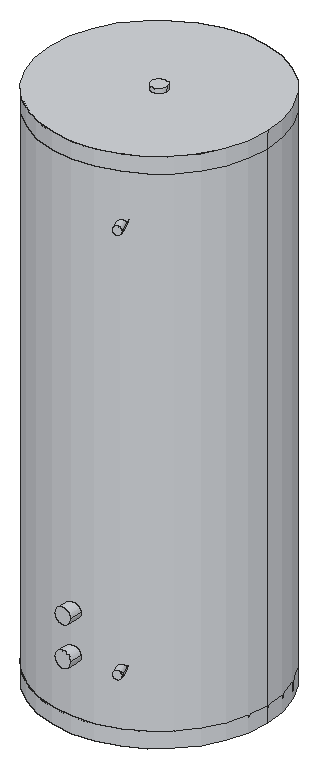
Revit family
Parameters (values of type "SJS119")
  Top Clearance = 12"
  Drain/Relief = Tank Radius + 1/8"  # 14 1/8"
  SES BIM Studio # = "201364901-52"
  URL = "http://www.lochinvar.com/products/Default.aspx?type=ProductLine&lineid=196"
  NPT Outlet Conn Radius = 1"
  NPT OUTLET SIZE = 1 1/2"
  NPT Conn Radius = 1"
  NPT CONN SIZE = NPT Conn Radius * 2  # 2"
  Model = "SJS119"
  Manufacturer = "Lochinvar"
  MODEL NO. = "SJS119"
  GALLON CAPACITY = "119"
  F_Drain Height = 9"
  Pipe Connections = Tank Radius + 1 1/2"  # 15 1/2"
  C_Sensor Well Height = 60 1/4"
  B_TANK DIAMETER = Tank Radius * 2  # 28"
  A_TANK HEIGHT = 68 1/4"
  E_NPT Height = 9 1/4"
  Drain Radius = 1/2"
  Description = "Stainless Steel StorageTank"
  Fuel Type = ""
  Tank Radius = 14"
  D_NPT Height = 14 1/4"
Types (4): name | Drain/Relief | NPT Conn Radius | NPT CONN SIZE | Model | MODEL NO. | GALLON CAPACITY | Pipe Connections | C_Sensor Well Height | B_TANK DIAMETER | A_TANK HEIGHT | Tank Radius
  (no name) | 14 1/8" | 1" | 2" | "SJS119" | "SJS119" | "119" | 15 1/2" | 60 1/4" | 28" | 68 1/4" | 14"
  SJS060 | 14 1/8" | 1 1/2" | 3" | "SJS060" | "SJS060" | "60" | 15 1/2" | 28" | 28" | 36" | 14"
  SJS080 | 12 1/8" | 1" | 2" | "SJS080" | "SJS080" | "80" | 13 1/2" | 61 3/4" | 24" | 69 1/2" | 12"
  SJS119 | 14 1/8" | 1" | 2" | "SJS119" | "SJS119" | "119" | 15 1/2" | 60 1/4" | 28" | 68 1/4" | 14"
Reference planes (in)
  plane 1 "Center (Front/Back)": y = 6.125
  plane 2: z = 0
  plane 3 "Center (Left/Right)": x = -1.39218
  plane 4 "Top": z = 68.25
  plane 5 "Top Clearance": z = 80.25
  plane 6: through (-0.11067, 6.66897, 0) normal (0.3907, -0.9205, 0)
  plane 7: through (5.94566, -7.59886, 0) normal (0.3907, -0.9205, 0)
  plane 8: y = -9.375
  plane 9 "Drain C/L": through (1.00105, 0.48691, 0) normal (0.9205, 0.3907, 0)
Forms (in)
  Extrusion 1, solid
    sketch origin (0, 0, 0) x (1, 0, 0) y (0, 1, 0)
      loop
        circle (-1.39218, 6.125) r 14
    from 0 to 68.25
  Extrusion 2, solid
    sketch origin (0, 6.125, 0) x (1, 0, 0) y (0, 0, 1)
      loop
        circle (-1.39218, 14.25) r 1
    from 0 to 15.5
  Extrusion 3, solid
    sketch origin (0, 6.125, 8) x (1, 0, 0) y (0, 0, 1)
      loop
        circle (-1.39218, 1.25) r 1
    from 0 to 15.5
  Extrusion 4, solid
    sketch origin (0, 0, 68.25) x (-1, 0, 0) y (0, -1, 0)
      loop
        circle (1.39218, -6.125) r 1
    from 0 to 0.5
  Extrusion 5, solid
    sketch origin (4.24591, 8.51823, 0) x (-0.920505, -0.390731, 0) y (0, 0, 1)
      loop
        circle (6.125, 9) r 0.5
    from 0 to -15.5
  Extrusion 6, solid
    sketch origin (4.24591, 8.51823, 19) x (-0.920505, -0.390731, 0) y (0, 0, 1)
      loop
        circle (6.125, 41.25) r 0.5
    from 0 to -15.5
  Extrusion 7, solid
    sketch origin (0, 0, 67.5) x (1, 0, 0) y (0, 1, 0)
      loop
        circle (-1.39218, 6.125) r 14
    from -1.25 to 0.75
  Extrusion 8, solid
    sketch origin (0, 0, 0) x (1, 0, 0) y (0, 1, 0)
      loop
        circle (-1.39218, 6.125) r 14
    from 0 to 2
Dimensions and locks (in)
  "A_TANK HEIGHT": plane 4 "Top" to level
  "Top Clearance": plane 5 "Top Clearance" to plane 4 "Top"
  "D_NPT Height": Extrusion 2 sketch curve to level
  "E_NPT Height": Extrusion 3 sketch curve to level
  "F_Drain Height": Extrusion 5 sketch curve to Extrusion 1
  "C_Sensor Well Height": Extrusion 6 sketch curve to Extrusion 1
  "Pipe Connections": plane 7 to plane 6
  "Pipe Connections": plane 8 to plane 1 "Center (Front/Back)"
  locked: level to Extrusion 8 at 2
  locked: plane 4 "Top" to Extrusion 7 at 2
  "Tank Radius": radius of Extrusion 1 sketch curve
  "NPT Conn Radius": radius of Extrusion 2 sketch curve
  "NPT Conn Radius": radius of Extrusion 3 sketch curve
  "NPT Outlet Conn Radius": radius of Extrusion 4 sketch curve
  "Drain Radius": radius of Extrusion 5 sketch curve
  "Drain Radius": radius of Extrusion 6 sketch curve
  "Tank Radius": radius of Extrusion 7 sketch curve
  "Tank Radius": radius of Extrusion 8 sketch curve
  aligned and locked: plane 4 "Top" to Extrusion 1
  aligned: Extrusion 5 to Extrusion 6
  aligned and locked: plane 7 to Extrusion 5
  aligned and locked: Extrusion 2 to Extrusion 3
  aligned and locked: plane 8 to Extrusion 3
  aligned and locked: plane 7 to Extrusion 6
  aligned and locked: plane 4 "Top" to Extrusion 7
  aligned and locked: Extrusion 8 to level
Automatic sketch dimensions
  plane 1 "Center (Front/Back)" to Extrusion 1 sketch curve = 0"
  Extrusion 1 sketch curve to plane 3 "Center (Left/Right)" = 0"
  Extrusion 2 sketch curve to plane 3 "Center (Left/Right)" = 0"
  Extrusion 3 sketch curve to plane 3 "Center (Left/Right)" = 0"
  plane 1 "Center (Front/Back)" to Extrusion 4 sketch curve = 0"
  Extrusion 4 sketch curve to plane 3 "Center (Left/Right)" = 0"
  Extrusion 5 sketch curve to plane 9 "Drain C/L" = 0"
  Extrusion 6 sketch curve to plane 9 "Drain C/L" = 0"
  plane 1 "Center (Front/Back)" to Extrusion 7 sketch curve = 0"
  Extrusion 7 sketch curve to plane 3 "Center (Left/Right)" = 0"
  plane 1 "Center (Front/Back)" to Extrusion 8 sketch curve = 0"
  Extrusion 8 sketch curve to plane 3 "Center (Left/Right)" = 0"
Connectors (in)
  piping at (-1.39218, -9.375, 9.25), driven by "NPT Conn Radius"
    settings: on Extrusion 3, index 1, connector radius 1", flow factor 0, pipe flow 0 GPM, pressure drop 0.00 psi, fitting loss kfactor 0, connector angle 0.00°, fixture units 0, flow configuration 0, flow direction 1, fitting loss method 0, system type 19, connector reference index -1, connector utility 0, adjustable connector no, is connector primary yes, fitting loss table "", connector description "NPT Inlet 1"
  piping at (-1.39218, -9.375, 14.25), driven by "NPT Conn Radius"
    settings: on Extrusion 2, index 2, connector radius 1", flow factor 0, pipe flow 0 GPM, pressure drop 0.00 psi, fitting loss kfactor 0, connector angle 0.00°, fixture units 0, flow configuration 0, flow direction 1, fitting loss method 0, system type 19, connector reference index -1, connector utility 0, adjustable connector no, is connector primary no, fitting loss table "", connector description "NPT Inlet 2"
  piping at (-1.39218, 6.125, 68.75), driven by "NPT Outlet Conn Radius"
    settings: on Extrusion 4, index 3, connector radius 1", flow factor 0, pipe flow 0 GPM, pressure drop 0.00 psi, fitting loss kfactor 0, connector angle 0.00°, fixture units 0, flow configuration 0, flow direction 2, fitting loss method 0, system type 19, connector reference index -1, connector utility 0, adjustable connector no, is connector primary no, fitting loss table "", connector description "NPT Outlet"
  piping at (4.66415, -8.14283, 9), driven by "Drain Radius"
    settings: on Extrusion 5, index 4, connector radius 1/2", flow factor 0, pipe flow 0 GPM, pressure drop 0.00 psi, fitting loss kfactor 0, connector angle 0.00°, fixture units 0, flow configuration 0, flow direction 2, fitting loss method 0, system type 22, connector reference index -1, connector utility 0, adjustable connector no, is connector primary no, fitting loss table "", connector description "Drain Pipe"
